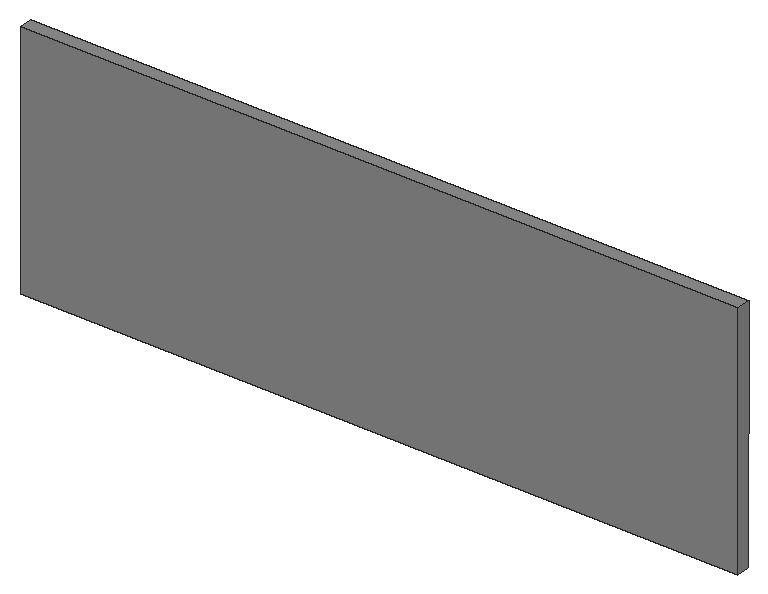
Revit family "Haworth_Belong_Tile", category Furniture Systems, Revit 2018
Family settings
  Round Connector Dimension = Use Diameter
  Part Type = Normal
  OmniClass Number = 23.40.70.14.64.21
  OmniClass Title = Systems Furniture
  Work Plane-Based = No
  Always vertical = Yes
  Cut with Voids When Loaded = No
  Shared = No
  Room Calculation Point = No
Parameters (values of type "12h 36w")
  Without Slots [instance] = not(With Slots)  # no
  With Slots [instance] = yes
  Width = 36"
  Warranty = "http://www.haworth.com/resources/product-info/warranties"
  URL = "www.haworth.com"
  Type Comments = ""
  Sustainability Info = "https://www.haworth.com/na/en/expertise/sustainability.html"
  Standard Heights = "8, 12 in."  # constant formula
  Standard 12in = and([12in Tile Height], or(Width = 18", Width = 22", Width = 27", Width = 31", Width = 36"))  # yes
  Slat Top Offset = 1 53/64"  # constant formula
  Slat Offset = 1 7/32"  # constant formula
  Slat Height = 87/256"  # constant formula
  Slat Gap = 1 169/256"  # constant formula
  Size = "Verify Final Dim. w/ Haworth"  # constant formula
  Screen Finish = Haworth _ Paint _ Graphite
  Revision Number = "2"  # constant formula
  Product Page URL = "http://www.haworth.com/products/accessories/work-tools/belong"
  Mounting Height [instance] = 32"
  Model = "Haworth - Belong - Tile"  # constant formula
  Standard Widths = if([12in Tile Height], "18, 22, 27, 32, 36 in.", "24, 30, 36, 42, 48 in.")  # "18, 22, 27, 32, 36 in."
  Min. Width = 18"  # constant formula
  Max. Width = 48"  # constant formula
  Manufacturer = "Haworth"  # constant formula
  Description = "Haworth - Belong - Tile"  # constant formula
  Standard 8in = and([8in Tile Height], or(Width = 24", Width = 30", Width = 36", Width = 42", Width = 48"))  # no
  Custom Size = not(or(Standard 12in, Standard 8in))  # no
  Author = "Haworth (Hampton)"  # constant formula
  Assembly Code = "E2020200"
  Actual Width = if(Width > Max. Width, Max. Width, if(Width < Min. Width, Min. Width, Width))  # 36"
  Actual Height = if([12in Tile Height], 12", 7 7/8")  # 12"
  Actual Depth = 11/16"  # constant formula
  8in Tile Height = not([12in Tile Height])  # no
  12in Tile Height = yes
Reference planes (in)
  plane 1 "Center F/B": y = 0
  plane 2: z = 0
  plane 3 "Center L/R": x = 0
  plane 4 "Left": x = -18
  plane 5 "Right": x = 18
  plane 6 "Back": y = 0.34375
  plane 7 "Front": y = -0.34375
  plane 8: z = 32
  plane 9: z = 44
  plane 10 "Slat 1": z = 42.17188
  plane 11 "Slat 2": z = 41.83203
  plane 12 "Slat 3": z = 40.17188
  plane 13 "Slat 4": z = 39.83203
  plane 14 "Slat 5": z = 38.17188
  plane 15 "Slat 6": z = 37.83203
  plane 16 "Slat Left": x = -16.78125
  plane 17 "Slat Right": x = 16.78125
Forms (in)
  Extrusion 1, solid, material "Haworth _ Paint _ Graphite" <- "Screen Finish"
    sketch origin (-18, 0, 0) x (0, 0, 1) y (0, -1, 0)
      loop
        line (44, -0.34375) -> (44, 0.34375) -> (32, 0.34375) -> (32, -0.34375) -> (44, -0.34375)
    from 0 to 36
Lines and regions (in)
  Masking region 1
    outline origin (0, 0, 0) x (1, 0, 0) y (0, 1, 0)
      loop
        line (-18, 0.34375) -> (-18, -0.34375) -> (18, -0.34375) -> (18, 0.34375) -> (-18, 0.34375)
  model lines, visible <- "With Slots", detail levels medium+fine
    curve 1: line (-16.78125, -0.34375, 42.17188) -> (16.78125, -0.34375, 42.17188)
    curve 2: line (-16.78125, -0.34375, 41.83203) -> (-16.78125, -0.34375, 42.17188)
    curve 3: line (16.78125, -0.34375, 41.83203) -> (-16.78125, -0.34375, 41.83203)
    curve 4: line (16.78125, -0.34375, 42.17188) -> (16.78125, -0.34375, 41.83203)
    curve 5: line (-16.78125, -0.34375, 40.17188) -> (16.78125, -0.34375, 40.17188)
    curve 6: line (-16.78125, -0.34375, 39.83203) -> (-16.78125, -0.34375, 40.17188)
    curve 7: line (16.78125, -0.34375, 39.83203) -> (-16.78125, -0.34375, 39.83203)
    curve 8: line (16.78125, -0.34375, 40.17188) -> (16.78125, -0.34375, 39.83203)
    curve 9: line (-16.78125, -0.34375, 38.17188) -> (16.78125, -0.34375, 38.17188)
    curve 10: line (-16.78125, -0.34375, 37.83203) -> (-16.78125, -0.34375, 38.17188)
    curve 11: line (16.78125, -0.34375, 37.83203) -> (-16.78125, -0.34375, 37.83203)
    curve 12: line (16.78125, -0.34375, 38.17188) -> (16.78125, -0.34375, 37.83203)
Dimensions and locks (in)
  equal spacing: plane 5 "Right", plane 3 "Center L/R", plane 4 "Left"
  "Actual Width": plane 4 "Left" to plane 5 "Right"
  "Actual Depth": plane 6 "Back" to plane 7 "Front"
  equal spacing: plane 6 "Back", plane 1 "Center F/B", plane 7 "Front"
  "Actual Height": plane 9 to plane 8
  "Mounting Height": plane 8 to level
  "Slat Offset": plane 16 "Slat Left" to plane 4 "Left"
  "Slat Offset": plane 17 "Slat Right" to plane 5 "Right"
  "Slat Top Offset": plane 9 to plane 10 "Slat 1"
  "Slat Height": plane 10 "Slat 1" to plane 11 "Slat 2"
  "Slat Height": plane 12 "Slat 3" to plane 13 "Slat 4"
  "Slat Height": plane 14 "Slat 5" to plane 15 "Slat 6"
  "Slat Gap": plane 11 "Slat 2" to plane 12 "Slat 3"
  "Slat Gap": plane 13 "Slat 4" to plane 14 "Slat 5"
  plane 8 to Extrusion 1 = 12"
  aligned and locked: plane 7 "Front" to Masking region 1 sketch curve
  aligned and locked: plane 5 "Right" to Masking region 1 sketch curve
  aligned and locked: Extrusion 1 to plane 5 "Right"
  aligned and locked: plane 16 "Slat Left" to curve 10
  aligned and locked: plane 16 "Slat Left" to curve 6
  aligned and locked: plane 16 "Slat Left" to curve 2
  aligned and locked: plane 17 "Slat Right" to curve 12
  aligned and locked: plane 17 "Slat Right" to curve 8
  aligned and locked: plane 17 "Slat Right" to curve 4
  aligned and locked: curve 1 to plane 10 "Slat 1"
  aligned and locked: plane 11 "Slat 2" to curve 3
  aligned and locked: curve 5 to plane 12 "Slat 3"
  aligned and locked: plane 13 "Slat 4" to curve 7
  aligned and locked: curve 9 to plane 14 "Slat 5"
  aligned and locked: plane 15 "Slat 6" to curve 11
  aligned and locked: plane 9 to Extrusion 1
  aligned and locked: Extrusion 1 to plane 4 "Left"
  aligned and locked: Extrusion 1 to plane 8
  aligned and locked: plane 6 "Back" to Masking region 1
  aligned and locked: plane 7 "Front" to Extrusion 1
  aligned and locked: plane 6 "Back" to Extrusion 1
Automatic sketch dimensions
  Masking region 1 sketch curve to plane 4 "Left" = 0"
  plane 6 "Back" to Masking region 1 sketch curve = 0"
  plane 6 "Back" to Extrusion 1 sketch curve = 0"
  Extrusion 1 sketch curve to plane 8 = 0"
  plane 9 to Extrusion 1 sketch curve = 0"
  plane 7 "Front" to Extrusion 1 sketch curve = 0"
Types in the file's own list only (9): name | Width | Standard 12in | Standard Widths | Standard 8in | Custom Size | Actual Width | Actual Height | 8in Tile Height | 12in Tile Height
  8h 24w | 24" | No | "24, 30, 36, 42, 48 in." | Yes | No | 24" | 7 7/8" | Yes | No
  8h 30w | 30" | No | "24, 30, 36, 42, 48 in." | Yes | No | 30" | 7 7/8" | Yes | No
  8h 36w | 36" | No | "24, 30, 36, 42, 48 in." | Yes | No | 36" | 7 7/8" | Yes | No
  8h 42w | 42" | No | "24, 30, 36, 42, 48 in." | Yes | No | 42" | 7 7/8" | Yes | No
  8h 48w | 48" | No | "24, 30, 36, 42, 48 in." | Yes | No | 48" | 7 7/8" | Yes | No
  12h 18w | 18" | Yes | "18, 22, 27, 32, 36 in." | No | No | 18" | 12" | No | Yes
  12h 22w | 22" | Yes | "18, 22, 27, 32, 36 in." | No | No | 22" | 12" | No | Yes
  12h 27w | 27" | Yes | "18, 22, 27, 32, 36 in." | No | No | 27" | 12" | No | Yes
  12h 32w | 32" | No | "18, 22, 27, 32, 36 in." | No | Yes | 32" | 12" | No | Yes
